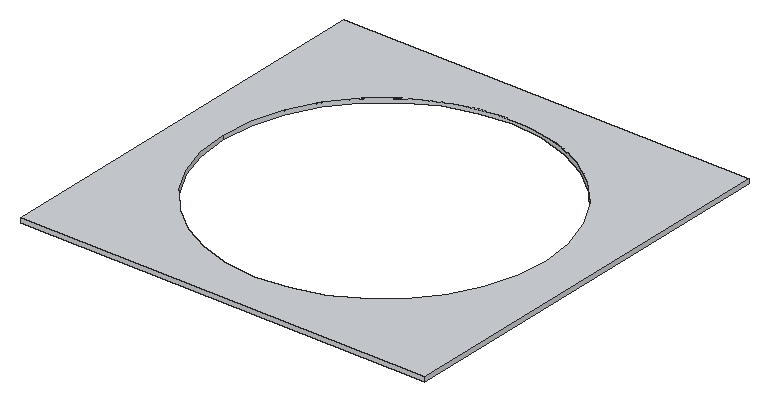
Revit family "Montagedeckel für GESR", category Generic Models, Revit 2015
Parameters (values of type "DUG 350-3 R9")
  URL = "http://www.obo-bettermann.com"
  Material = Steel, Galvanized
  Manufacturer Art.No. = "7400549"
  Manufacturer = "OBO Bettermann"
  GTIN = "4012195431565"
  Diameter dimesion = 305 mm
  Article Type = "DUG 350-3 R9"
Types (4, lengths in mm): name | Manufacturer Art.No. | GTIN | Diameter dimesion | Article Type
  (no name) | "7400549" | "4012195431565" | 305 | "DUG 350-3 R9"
  DUG 350-3 R4 | "7400517" | "4012195431442" | 215 | "DUG 350-3 R4"
  DUG 350-3 R7 | "7400533" | "4012195431503" | 275 | "DUG 350-3 R7"
  DUG 350-3 R9 | "7400549" | "4012195431565" | 305 | "DUG 350-3 R9"
Reference planes
  plane 1 "Center (Front/Back)": y = 0
  plane 2: z = 0
  plane 3 "Center (Left/Right)": x = 0
  plane 4: x = -191.5
  plane 5: x = 191.5
  plane 6: y = 191.5
  plane 7: y = -191.5
  plane 8: z = 4
Forms (mm)
  Extrusion 1, solid
    sketch origin (0, 0, 0) x (1, 0, 0) y (0, 1, 0)
      loop
        line (-191.5, 191.5) -> (-191.5, -191.5) -> (191.5, -191.5) -> (191.5, 191.5) -> (-191.5, 191.5)
      loop
        circle (0, 0) r 152.5
    from 0 to 4
Lines and regions (mm)
  reference lines
    curve 1: circle (0, 0, 0) r 152.5 normal (0, 0, 1)
  model lines
    curve 2: line (-191.5, 191.5, 0) -> (-191.5, -191.5, 0)
    curve 3: line (-191.5, -191.5, 0) -> (191.5, -191.5, 0)
    curve 4: line (191.5, -191.5, 0) -> (191.5, 191.5, 0)
    curve 5: line (191.5, 191.5, 0) -> (-191.5, 191.5, 0)
Dimensions and locks
  equal spacing: plane 6, plane 1 "Center (Front/Back)", plane 7
  locked: plane 6 to plane 7 at 383
  equal spacing: plane 4, plane 3 "Center (Left/Right)", plane 5
  locked: plane 4 to plane 5 at 383
  locked: level to plane 8 at 4
  "Diameter dimesion": diameter of curve 1
  aligned and locked: level to plane 2
  aligned and locked: curve 2 to plane 4
  aligned and locked: curve 3 to plane 7
  aligned and locked: plane 5 to curve 4
  aligned and locked: plane 6 to curve 5
  aligned and locked: Extrusion 1 sketch curve to curve 2
  aligned and locked: Extrusion 1 sketch curve to curve 3
  aligned and locked: Extrusion 1 sketch curve to curve 4
  aligned and locked: Extrusion 1 sketch curve to curve 5
  aligned and locked: Extrusion 1 sketch curve to curve 1
  aligned and locked: Extrusion 1 to level
  aligned and locked: plane 8 to Extrusion 1
Automatic sketch dimensions
  plane 1 "Center (Front/Back)" to curve 1 = 0 mm
  curve 1 to plane 3 "Center (Left/Right)" = 0 mm
